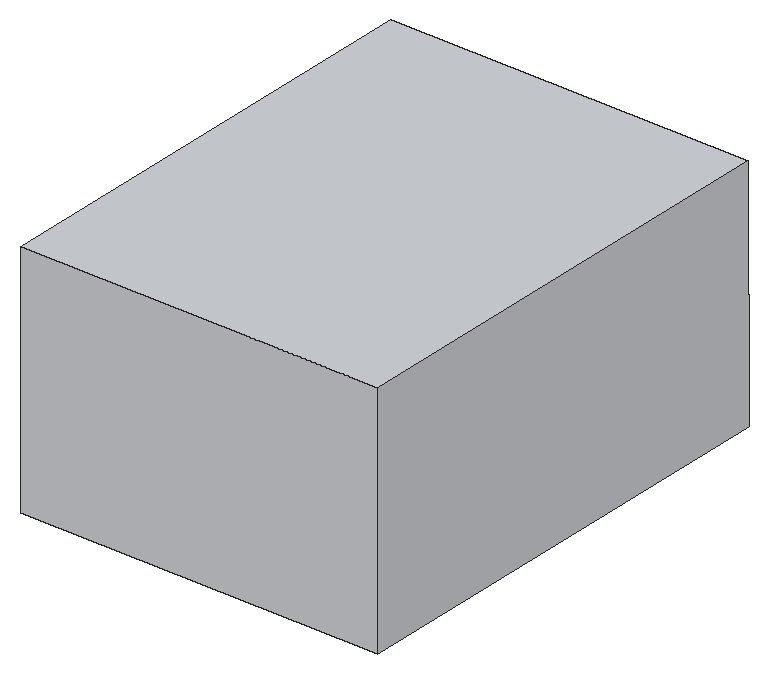
Revit family
Parameters
  Material ID = "760117903"
  Description = "MFC-LCF-09-6X"
Reference planes (in)
  plane 1 "Center (Front/Back)": y = 0
  plane 2: z = 0
  plane 3 "Center (Left/Right)": x = 0
Forms (in)
  Extrusion 1, solid, not visible
    sketch origin (0, -14.305, 0) x (1, 0, 0) y (0, 0, 1)
      loop
        line (-8.5516, 0.86) -> (-8.5516, 0.46) -> (-7.9516, 0.46) -> (-7.9516, 0.86) -> (-8.5516, 0.86)
    from 0 to 0.77696
